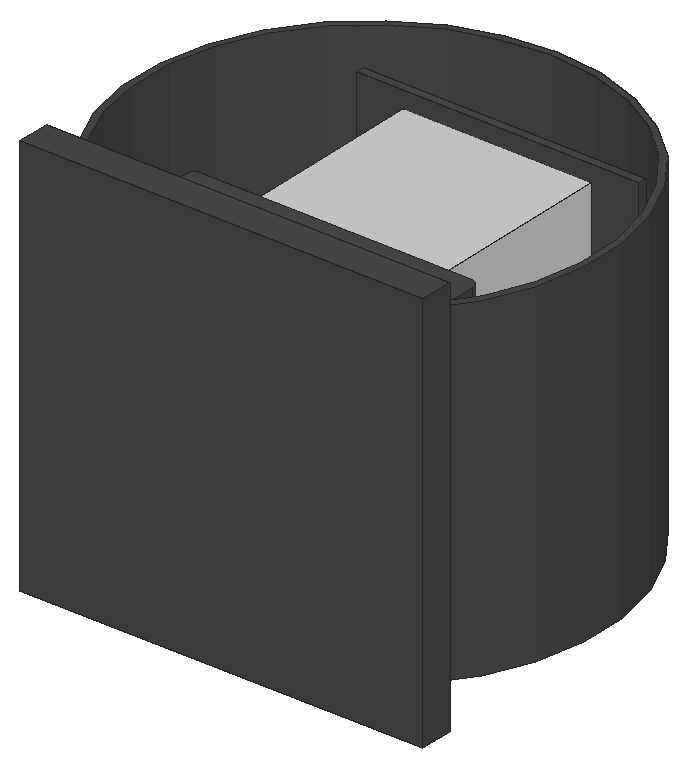
Revit family "3-734 Kaldor Wall Lantern", category Lighting Fixtures, host Wall, Revit 2018
Family settings
  Host = Wall
  Round Connector Dimension = Use Diameter
  Part Type = Normal
  OmniClass Number = 23.80.70.00
  OmniClass Title = Lighting
  Always vertical = Yes
  Cut with Voids When Loaded = No
  Light Source = Yes
  Shared = No
  Room Calculation Point = No
Parameters (values of type "3-734-15 / Black - White Frost Glass")
  Wattage Comments = "2 x 3.0 W at 120 V"  # constant formula
  Wattage = 4.71 W
  built-in parameter 1150110 = 1 (stored number, unit not read)
  Voltage Input = "120 V or 277 V - 50/60 Hz"  # constant formula
  Voltage = 120 V
  URL = "www.oxygenlighting.com"
  built-in parameter 1114217 = 1 (stored number, unit not read)
  Tilt Angle = 90.00°  # constant formula
  built-in parameter 1150109 = 1 (stored number, unit not read)
  built-in parameter 1150134 = (empty or 0)
  built-in parameter 1150113 = 1 (stored number, unit not read)
  References = "Ref. 3 = 120 V / Ref. 37 = 277 V"  # constant formula
  Photometric Web File = "3-734-16 Kaldor.ies"
  Model = "3-734-xx Kaldor Sconce"  # constant formula
  Metal Finish = 15 - Black
  Manufacturer = "Oxygen - Lighting & Fans"  # constant formula
  Main Diffuser = White Frost Glass
  Lumens = 295.788 lm
  built-in parameter 1150115 = 1 (stored number, unit not read)
  built-in parameter 1150105 = 23.538 (stored number, unit not read)
  built-in parameter 1150137 = (empty or 0)
  built-in parameter 1150139 = (empty or 0)
  built-in parameter 1150112 = 1 (stored number, unit not read)
  built-in parameter 1150114 = 1 (stored number, unit not read)
  Lamp = "LED Array"  # constant formula
  built-in parameter 1150132 = (empty or 0)
  built-in parameter 1150102 = (empty or 0)
  built-in parameter 1150138 = (empty or 0)
  built-in parameter 1150107 = 3000 (stored number, unit not read)
  built-in parameter 1150106 = 0.23538 (stored number, unit not read)
  built-in parameter 1150104 = 5.8343 (stored number, unit not read)
  Dimming Lamp Color Temperature Shift = <None>
  Color Filter = 16777215
  built-in parameter 1114218 = 1 (stored number, unit not read)
  built-in parameter 1150133 = 10 (stored number, unit not read)
Types (3): name | Metal Finish
  (no name) | 15 - Black
  3-734-15 / Black - White Frost Glass | 15 - Black
  3-734-16 / Gray - White Frost Glass | 16 - Gray
Reference planes (in)
  plane 1: y = 0
  plane 2 "Light Source Axis (F/B)": y = 5.20194
  plane 3 "Light Source Axis (L/R)": x = -1.43133
  plane 4 "Light Source Elevation": z = 33
  plane 5 "Wall Face": y = 3
Text (in)
  text "Placement Side" at (0, 40.15149, 123.01588), in view "Right"
  text "Placement Side" at (-70.3804, 56.61594, 0), in view "Ref. Level"
  text "Placement Side" at (0, 47.49176, 140.59947), in view "Left"
Dimensions and locks (in)
  locked: plane 5 "Wall Face" to plane 2 "Light Source Axis (F/B)" at 2.20194
  aligned and locked: plane 3 "Light Source Axis (L/R)" to imposter light
  aligned and locked: plane 2 "Light Source Axis (F/B)" to imposter light
  aligned and locked: plane 4 "Light Source Elevation" to imposter light
  aligned and locked: plane 5 "Wall Face" to host wall
  aligned and locked: nested 1 to plane 3 "Light Source Axis (L/R)"
  aligned and locked: plane 5 "Wall Face" to nested 1
  aligned and locked: nested 2 to plane 3 "Light Source Axis (L/R)"
  aligned and locked: nested 2 to nested 1
Nested families (in)
  nested 1: "Base" at (-1.43133, 3, 0), type "Base"
  nested 2: "Extru" at (-1.43133, 3.39458, 33), type "Extrusion"
Connectors (in)
  electrical at (-1.43133, 3, 33), driven by "Voltage"
    settings: on nested 1, index 1, voltage 120 V, apparent load 0 VA, apparent load phase1 0 VA, apparent load phase2 0 VA, apparent load phase3 0 VA, power factor 1, load classification "Other", number of poles 1, system type 31, power factor state 1, is connector primary yes, connector utility no, sub classification motor no, connector description ""
Definition of nested family "Base"
  Parameters (values of type "Base")
    Metal Finish = none
  Reference planes (in)
    plane 1 "Center (Front/Back)": y = 0
    plane 2: z = 0
    plane 3 "Center (Left/Right)": x = 0
  Forms (in)
    Extrusion 1, solid, material <- "Metal Finish"
      sketch origin (0, -3, 0) x (0, -1, 0) y (0, 0, 1)
        loop
          line (-3.39458, 35.36221) -> (-3.39458, 30.63779) -> (-3, 30.63779) -> (-3, 35.36221) -> (-3.39458, 35.36221)
      from 2.36 to -2.36
  Dimensions and locks (in)
    aligned and locked: level to plane 2
Definition of nested family "Extru"
  Parameters (values of type "Extrusion")
    Metal Finish = none
    Main Diffuser = none
  Reference planes (in)
    plane 1 "Center (Front/Back)": y = 0
    plane 2: z = 0
    plane 3 "Center (Left/Right)": x = 0
  Forms (in)
    Extrusion 1, solid, material <- "Metal Finish"
      sketch origin (1.43133, -3.39458, 2.488) x (0, 1, 0) y (-1, 0, 0)
        loop
          line (3.39458, 3.47052) -> (3.39458, -0.60786)
          arc (3.39458, -0.60786) -> (7.91544, 1.43133) -> (3.39458, 3.47052) r 2.72033
        loop
          line (3.49174, 3.45036) -> (3.49174, -0.58771)
          arc (3.49174, -0.58771) -> (7.8367, 1.43133) -> (3.49174, 3.45036) r 2.64159
      from -4.45905 to -0.51696
    Extrusion 2, solid, material <- "Metal Finish"
      sketch origin (1.43167, -3.39458, 0) x (0, 1, 0) y (-1, 0, 0)
        loop
          line (7.05392, 3.08544) -> (7.05392, -0.2221) -> (7.15254, -0.2221) -> (7.15254, 3.08544) -> (7.05392, 3.08544)
        loop
          line (3.49174, 3.22233) -> (3.49174, -0.35899) -> (3.57122, -0.35899) -> (3.57122, -0.26036) -> (4.57511, -0.26036)
          arc (4.57511, -0.26036) -> (4.65838, -0.22587) -> (4.69287, -0.14261) r 0.11776
          line (4.69287, -0.14261) -> (4.69287, 3.00595)
          arc (4.69287, 3.00595) -> (4.65838, 3.08922) -> (4.57511, 3.12371) r 0.11776
          line (4.57511, 3.12371) -> (3.57122, 3.12371) -> (3.57122, 3.22233) -> (3.49174, 3.22233)
      from -1.59941 to 1.55696
    Extrusion 3, solid, material <- "Main Diffuser"
      sketch origin (1.43167, -3.39458, 0) x (0, 1, 0) y (-1, 0, 0)
        loop
          line (4.69287, 2.53345) -> (4.69287, 0.3299) -> (7.05392, 0.3299) -> (7.05392, 2.53345) -> (4.69287, 2.53345)
      from -1.39604 to 1.3616
  Dimensions and locks (in)
    aligned and locked: level to plane 2
